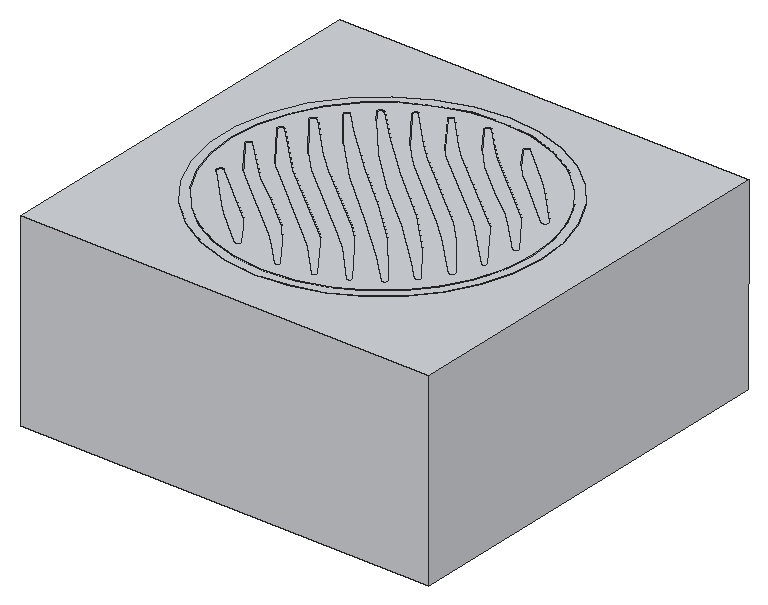
Revit family
Parameters (values of type "Branco c/ grelha branca - 100 x 40")
  URL = "http://www.tigre.com.br"
  Type Comments = ""
  Tigre: Marcador [instance] = "00"
  Tigre: Código com Separador [instance] = "27.25.882.4"
  Prolongamento [instance] = none
  Manufacturer = Tigre: Fabricante  # "© Tigre S/A"
  Grelha = yes
  Distância do Prolongador [instance] = 0.00 mm
  Tigre: Sistema = "Esgoto"  # constant formula
  Tigre: Norma = ""
  Tigre: Material = "Branco"
  Tigre: Link do Produto = "http://www.tigre.com.br/pt/produtos_unico.php?rcr_id=4&cpr_id=10&cpr_id_pai=4&lnh_id=11&prd_id=152"
  Tigre: Linha = "Caixas e Ralos"  # constant formula
  Tigre: Fabricante = "© Tigre S/A"  # constant formula
  Tigre: Descrição = "Ralo Cônico Montado - Branco c/ grelha branca 100 x 40mm, Esgoto - TIGRE"
  Tigre: Código = 27258824
  Tigre: Comentários [instance] = ""
  Raio Nominal = Diâmetro Nominal / 2  # 20.00 mm
  Raio 1 = 21.60 mm
  Prolongador [instance] = Distância do Prolongador > 0.00 mm  # no
  Model = ""
  Grelhas [instance] = none
  Diâmetro Nominal = 40.00 mm
  Description = Tigre: Descrição  # "Ralo Cônico Montado - Branco c/ grelha branca 100 x 40mm, Esgoto - TIGRE"
  Default Elevation = 0.00 mm
  Cota D2 = 51.50 mm
  Cota D1 = 48.75 mm
  Cota B = 18.50 mm
  Cota A = 37.00 mm
  Comprimento do Tubo [instance] = if(Distância do Prolongador > 0.00 mm, Distância do Prolongador, Distância do Prolongador + 1.00 mm)  # 1.00 mm
  Caixas e Ralos [instance] = none
Types (5, lengths in mm): name | Tigre: Código com Separador | Grelha | Tigre: Material | Tigre: Link do Produto | Tigre: Descrição | Tigre: Código | Description
  (no name) | "27.25.882.4" | yes | "Branco" | "http://www.tigre.com.br/pt/produtos_unico.php?rcr_id=4&cpr_id=10&cpr_id_pai=4&lnh_id=11&prd_id=152" | "Ralo Cônico Montado - Branco c/ grelha branca 100 x 40mm, Esgoto - TIGRE" | 27258824 | "Ralo Cônico Montado - Branco c/ grelha branca 100 x 40mm, Esgoto - TIGRE"
  Branco c/ grelha branca - 100 x 40 | "27.25.882.4" | yes | "Branco" | "http://www.tigre.com.br/pt/produtos_unico.php?rcr_id=4&cpr_id=10&cpr_id_pai=4&lnh_id=11&prd_id=152" | "Ralo Cônico Montado - Branco c/ grelha branca 100 x 40mm, Esgoto - TIGRE" | 27258824 | "Ralo Cônico Montado - Branco c/ grelha branca 100 x 40mm, Esgoto - TIGRE"
  Prata c/ grelha alumínio - 100 x 40 | "27.25.886.7" | yes | "Prata/Alumínio" | "http://www.tigre.com.br/pt/produtos_unico.php?rcr_id=4&cpr_id=10&cpr_id_pai=4&lnh_id=11&prd_id=152" | "Ralo Cônico Montado - Prata c/ grelha alumínio 100 x 40mm, Esgoto - TIGRE" | 27258867 | "Ralo Cônico Montado - Prata c/ grelha alumínio 100 x 40mm, Esgoto - TIGRE"
  Corpo Branco - 100 x 40 | "27.25.879.4" | no | "Branco" | "http://www.tigre.com.br/pt/produtos_unico.php?rcr_id=4&cpr_id=10&cpr_id_pai=4&lnh_id=11&prd_id=134" | "Corpo Ralo Sifonado Cônico - Branco 100 x 40mm, Esgoto - TIGRE" | 27258794 | "Corpo Ralo Sifonado Cônico - Branco 100 x 40mm, Esgoto - TIGRE"
  Corpo Prata - 100 x 40 | "27.25.881.6" | no | "Prata" | "http://www.tigre.com.br/pt/produtos_unico.php?rcr_id=4&cpr_id=10&cpr_id_pai=4&lnh_id=11&prd_id=134" | "Corpo Ralo Sifonado Cônico - Prata 100 x 40mm, Esgoto - TIGRE" | 27258816 | "Corpo Ralo Sifonado Cônico - Prata 100 x 40mm, Esgoto - TIGRE"
Reference planes
  plane 1 "Center (Front/Back)": y = 0
  plane 2: z = 0
  plane 3 "Center (Left/Right)": x = 0
  plane 4: z = -37
  plane 5: z = 0
  plane 6: z = -18.5
  plane 7: z = 0
  plane 8 "Base": z = -4.5
Forms (mm)
  Extrusion 1, solid
    sketch origin (0, 0, 0) x (1, 0, 0) y (0, 1, 0)
      loop
        line (66.952, 64.097) -> (-65, 64.097) -> (-65, -65) -> (66.952, -65) -> (66.952, 64.097)
    from 0 to -60.598
  Sweep 2, solid, material <- "Caixas e Ralos", detail levels fine
    path origin (0, 0, 0) x (1, 0, 0) y (0, 0, 1)
      loop
        line (0, 0) -> (0, -5.5)
    profile origin (0, 0, -2.75) x (0, -1, 0) y (1, 0, 0)
      loop
        circle (0, 0) r 48.75
      loop
        circle (0, 0) r 51.5
  Sweep 3, solid, material <- "Caixas e Ralos", detail levels fine
    path origin (0, 0, 0) x (1, 0, 0) y (0, 0, 1)
      loop
        line (0, -4.5) -> (0, -5.5)
    profile origin (0, 0, -5) x (0, -1, 0) y (1, 0, 0)
      loop
        circle (0, 0) r 48.75
      loop
        circle (0, 0) r 45
  SweptBlend 4, solid, material <- "Caixas e Ralos", detail levels fine
    path origin (0, 0, 0) x (1, 0, 0) y (0, 0, 1)
      loop
        line (0, -5.5) -> (0, -37)
    profile origin (0, 0, -5.5) x (0, -1, 0) y (1, 0, 0)
      loop
        circle (0, 0) r 47.454
    end profile origin (0, 0, -37) x (0, -1, 0) y (1, 0, 0)
      loop
        circle (0, 0) r 37.061
  SweptBlend 5, void
    path origin (0, 0, 0) x (1, 0, 0) y (0, 0, 1)
      loop
        line (0, -5.5) -> (0, -35)
    profile origin (0, 0, -5.5) x (0, -1, 0) y (1, 0, 0)
      loop
        circle (0, 0) r 45
    end profile origin (0, 0, -35) x (0, -1, 0) y (1, 0, 0)
      loop
        circle (0, 0) r 34.301
  Revolve 6, solid, material <- "Caixas e Ralos", detail levels fine
    sketch origin (0, 0, 0) x (1, 0, 0) y (0, 0, 1)
      loop
        line (0, -10) -> (-15.832, -10) -> (-15.832, -11.991) -> (-17.03, -11.991) -> (-27.32, -14.748)
        arc (-27.32, -14.748) -> (-29.993, -16.534) -> (-31.026, -19.578) r 5
        line (-31.026, -19.578) -> (-31.026, -35) -> (0, -35) -> (0, -10)
      axis (0, -10) -> (0, -35)
    angle from 0 to 360
  Revolve 7, void
    sketch origin (0, 0, 0) x (1, 0, 0) y (0, 0, 1)
      loop
        line (0, -37) -> (0, -19) -> (-19.194, -19) -> (-19.194, -20) -> (-20.059, -20) -> (-20.059, -28.5) -> (-22.564, -28.5) -> (-22.564, -37) -> (0, -37)
      axis (0, -19) -> (0, -37)
    angle from 0 to 360
  Sweep 8, solid, material <- "Caixas e Ralos", detail levels fine
    path origin (0, 0, 0) x (1, 0, 0) y (0, 0, 1)
      loop
        line (0, -11.991) -> (0, -4)
    profile origin (0, 0, -7.996) x (-1, 0, 0) y (0, -1, 0)
      loop
        circle (0, 0) r 17.03
      loop
        circle (0, 0) r 15.832
  Sweep 9, solid, material <- "Caixas e Ralos", visible <- "Prolongador", detail levels fine
    path origin (0, 0, -50) x (1, 0, 0) y (0, 0, 1)
      loop
        line (0, 50) -> (0, 44.5)
    profile origin (0, 0, -2.75) x (0, -1, 0) y (1, 0, 0)
      loop
        circle (0, 0) r 48.75
      loop
        circle (0, 0) r 51.5
  Sweep 10, solid, material <- "Caixas e Ralos", visible <- "Prolongador", detail levels fine
    path origin (0, 0, -50) x (1, 0, 0) y (0, 0, 1)
      loop
        line (0, 45.5) -> (0, 44.5)
    profile origin (0, 0, -5) x (0, -1, 0) y (1, 0, 0)
      loop
        circle (0, 0) r 48.75
      loop
        circle (0, 0) r 45
  Extrusion 11, solid, material <- "Grelhas", visible <- "Grelha", detail levels fine
    sketch origin (0, 0, 0) x (1, 0, 0) y (0, 1, 0)
      loop
        arc (14.498, 41.971) -> (13.122, 41.959) -> (12.966, 40.591) r 1.039
        line (12.966, 40.591) -> (17.155, 34.609)
        arc (17.155, 34.609) -> (20.381, 30.764) -> (24.226, 27.538) r 28.794
        arc (24.226, 27.538) -> (32.154, 21.349) -> (39.398, 14.373) r 96.922
        arc (39.398, 14.373) -> (41.152, 14.314) -> (41.212, 16.068) r 1.241
        line (41.212, 16.068) -> (29.737, 28.373)
        arc (29.737, 28.373) -> (27.964, 30.178) -> (26.098, 31.888) r 48.331
        line (26.098, 31.888) -> (14.498, 41.971)
      loop
        arc (0.048, 44.046) -> (-1.264, 44.135) -> (-1.44, 42.832) r 0.962
        arc (-1.44, 42.832) -> (1.576, 38.639) -> (4.631, 34.475) r 542.781
        arc (4.631, 34.475) -> (7.451, 30.992) -> (10.559, 27.764) r 52.299
        arc (10.559, 27.764) -> (15.445, 23.33) -> (20.543, 19.141) r 134.146
        line (20.543, 19.141) -> (30.086, 11.685)
        arc (30.086, 11.685) -> (31.543, 10.462) -> (32.912, 9.14) r 27.259
        line (32.912, 9.14) -> (42.654, -0.948)
        arc (42.654, -0.948) -> (44.058, -1.017) -> (44.215, 0.38) r 1.027
        line (44.215, 0.38) -> (35.984, 11.401)
        arc (35.984, 11.401) -> (34.868, 12.727) -> (33.608, 13.916) r 15
        line (33.608, 13.916) -> (10.653, 33.178)
        arc (10.653, 33.178) -> (8.552, 35.053) -> (6.569, 37.053) r 46.107
        line (6.569, 37.053) -> (0.048, 44.046)
      loop
        arc (-10.593, 42.459) -> (-11.852, 42.541) -> (-12.012, 41.289) r 0.921
        line (-12.012, 41.289) -> (-2.641, 28.392)
        arc (-2.641, 28.392) -> (-1.383, 26.865) -> (0.053, 25.503) r 16.207
        line (0.053, 25.503) -> (26.307, 3.473)
        arc (26.307, 3.473) -> (27.253, 2.636) -> (28.155, 1.75) r 24.143
        line (28.155, 1.75) -> (41.207, -11.766)
        arc (41.207, -11.766) -> (42.497, -11.829) -> (42.642, -10.545) r 0.944
        line (42.642, -10.545) -> (32.074, 3.606)
        arc (32.074, 3.606) -> (31.234, 4.604) -> (30.285, 5.499) r 11.29
        line (30.285, 5.499) -> (3.161, 28.259)
        arc (3.161, 28.259) -> (0.871, 30.303) -> (-1.29, 32.482) r 50.253
        line (-1.29, 32.482) -> (-10.593, 42.459)
      loop
        arc (-19.345, 38.969) -> (-20.553, 39.045) -> (-20.694, 37.843) r 0.88
        line (-20.694, 37.843) -> (-11.188, 25.114)
        arc (-11.188, 25.114) -> (-7.559, 20.799) -> (-3.456, 16.931) r 48.8
        line (-3.456, 16.931) -> (18.798, -1.743)
        arc (18.798, -1.743) -> (21.966, -4.545) -> (24.983, -7.51) r 80.789
        line (24.983, -7.51) -> (37.688, -20.666)
        arc (37.688, -20.666) -> (39.16, -20.73) -> (39.301, -19.264) r 1.07
        line (39.301, -19.264) -> (28.607, -5.576)
        arc (28.607, -5.576) -> (25.802, -2.349) -> (22.675, 0.567) r 40.846
        line (22.675, 0.567) -> (-2.965, 22.081)
        arc (-2.965, 22.081) -> (-5.79, 24.603) -> (-8.456, 27.292) r 61.998
        line (-8.456, 27.292) -> (-19.345, 38.969)
      loop
        arc (-26.808, 34.281) -> (-28.11, 34.328) -> (-28.251, 33.033) r 0.956
        line (-28.251, 33.033) -> (-25.728, 29.655)
        arc (-25.728, 29.655) -> (-14.704, 16.432) -> (-2.334, 4.459) r 161.164
        line (-2.334, 4.459) -> (12.673, -8.585)
        arc (12.673, -8.585) -> (20.064, -15.299) -> (27.155, -22.329) r 228.86
        line (27.155, -22.329) -> (32.682, -28.052)
        arc (32.682, -28.052) -> (34.048, -28.111) -> (34.18, -26.75) r 0.994
        line (34.18, -26.75) -> (25.107, -15.138)
        arc (25.107, -15.138) -> (19.387, -8.499) -> (13.057, -2.439) r 91.322
        line (13.057, -2.439) -> (-3.394, 11.861)
        arc (-3.394, 11.861) -> (-10.881, 18.603) -> (-18.129, 25.602) r 288.662
        line (-18.129, 25.602) -> (-26.808, 34.281)
      loop
        arc (-14.379, -41.961) -> (-13.002, -41.949) -> (-12.846, -40.581) r 1.039
        line (-12.846, -40.581) -> (-17.035, -34.599)
        arc (-17.035, -34.599) -> (-20.261, -30.754) -> (-24.106, -27.528) r 28.794
        arc (-24.106, -27.528) -> (-32.034, -21.34) -> (-39.278, -14.363) r 96.922
        arc (-39.278, -14.363) -> (-41.032, -14.304) -> (-41.093, -16.058) r 1.241
        line (-41.093, -16.058) -> (-29.617, -28.364)
        arc (-29.617, -28.364) -> (-27.844, -30.168) -> (-25.978, -31.878) r 48.331
        line (-25.978, -31.878) -> (-14.379, -41.961)
      loop
        arc (0.072, -44.036) -> (1.384, -44.125) -> (1.559, -42.822) r 0.962
        arc (1.559, -42.822) -> (-1.456, -38.629) -> (-4.512, -34.465) r 542.781
        arc (-4.512, -34.465) -> (-7.332, -30.983) -> (-10.439, -27.754) r 52.299
        arc (-10.439, -27.754) -> (-15.325, -23.32) -> (-20.423, -19.131) r 134.146
        line (-20.423, -19.131) -> (-29.966, -11.675)
        arc (-29.966, -11.675) -> (-31.423, -10.452) -> (-32.792, -9.13) r 27.259
        line (-32.792, -9.13) -> (-42.534, 0.958)
        arc (-42.534, 0.958) -> (-43.938, 1.027) -> (-44.095, -0.37) r 1.027
        line (-44.095, -0.37) -> (-35.864, -11.391)
        arc (-35.864, -11.391) -> (-34.749, -12.717) -> (-33.488, -13.906) r 15
        line (-33.488, -13.906) -> (-10.533, -33.168)
        arc (-10.533, -33.168) -> (-8.432, -35.043) -> (-6.449, -37.043) r 46.107
        line (-6.449, -37.043) -> (0.072, -44.036)
      loop
        arc (10.713, -42.449) -> (11.972, -42.531) -> (12.132, -41.279) r 0.921
        line (12.132, -41.279) -> (2.761, -28.382)
        arc (2.761, -28.382) -> (1.502, -26.855) -> (0.067, -25.493) r 16.207
        line (0.067, -25.493) -> (-26.187, -3.463)
        arc (-26.187, -3.463) -> (-27.133, -2.626) -> (-28.035, -1.74) r 24.143
        line (-28.035, -1.74) -> (-41.087, 11.776)
        arc (-41.087, 11.776) -> (-42.378, 11.839) -> (-42.522, 10.555) r 0.944
        line (-42.522, 10.555) -> (-31.954, -3.596)
        arc (-31.954, -3.596) -> (-31.114, -4.594) -> (-30.165, -5.489) r 11.29
        line (-30.165, -5.489) -> (-3.041, -28.249)
        arc (-3.041, -28.249) -> (-0.751, -30.293) -> (1.41, -32.473) r 50.253
        line (1.41, -32.473) -> (10.713, -42.449)
      loop
        arc (19.465, -38.959) -> (20.673, -39.035) -> (20.814, -37.833) r 0.88
        line (20.814, -37.833) -> (11.308, -25.104)
        arc (11.308, -25.104) -> (7.679, -20.789) -> (3.576, -16.922) r 48.8
        line (3.576, -16.922) -> (-18.679, 1.752)
        arc (-18.679, 1.752) -> (-21.846, 4.555) -> (-24.863, 7.52) r 80.789
        line (-24.863, 7.52) -> (-37.568, 20.676)
        arc (-37.568, 20.676) -> (-39.04, 20.74) -> (-39.181, 19.274) r 1.07
        line (-39.181, 19.274) -> (-28.487, 5.586)
        arc (-28.487, 5.586) -> (-25.682, 2.359) -> (-22.555, -0.557) r 40.846
        line (-22.555, -0.557) -> (3.085, -22.071)
        arc (3.085, -22.071) -> (5.91, -24.593) -> (8.576, -27.282) r 61.998
        line (8.576, -27.282) -> (19.465, -38.959)
      loop
        arc (26.928, -34.271) -> (28.23, -34.318) -> (28.37, -33.023) r 0.956
        line (28.37, -33.023) -> (25.848, -29.645)
        arc (25.848, -29.645) -> (14.824, -16.422) -> (2.453, -4.45) r 161.164
        line (2.453, -4.45) -> (-12.553, 8.595)
        arc (-12.553, 8.595) -> (-19.944, 15.309) -> (-27.035, 22.339) r 228.86
        line (-27.035, 22.339) -> (-32.562, 28.061)
        arc (-32.562, 28.061) -> (-33.929, 28.121) -> (-34.06, 26.76) r 0.994
        line (-34.06, 26.76) -> (-24.987, 15.148)
        arc (-24.987, 15.148) -> (-19.267, 8.509) -> (-12.937, 2.449) r 91.322
        line (-12.937, 2.449) -> (3.513, -11.851)
        arc (3.513, -11.851) -> (11.001, -18.593) -> (18.249, -25.592) r 288.662
        line (18.249, -25.592) -> (26.928, -34.271)
      loop
        circle (-0.003, 0.005) r 48.6
    from -2 to 0
Cuts and joins
  SweptBlend 5 cuts Sweep 2
  SweptBlend 5 cuts Sweep 3
  SweptBlend 5, Revolve 7 cuts SweptBlend 4
  Revolve 7 cuts Revolve 6
  joined: Sweep 2, Sweep 3, SweptBlend 4, Revolve 6, Sweep 8
  joined: Sweep 9, Sweep 10
Lines and regions (mm)
  model lines, detail levels coarse+medium
    curve 1: circle (0, 0, -18.5) r 26.456 normal (0, 0, -1)
    curve 2: line (-26.456, 0, -18.5) -> (26.456, 0, -18.5)
    curve 3: line (0, 26.456, -18.5) -> (0, -26.456, -18.5)
Dimensions and locks
  "Cota A": plane 5 to plane 4
  "Cota B": plane 6 to plane 4
  Sweep 8 sketch curve to Sweep 8 sketch curve to plane 6 = 7.991 mm locked, 6.509 mm locked
  locked: SweptBlend 4 sketch curve to plane 6 at 13
  locked: SweptBlend 5 sketch curve to plane 6 at 13
  locked: SweptBlend 5 sketch curve to plane 4 at 2
  locked: Revolve 6 sketch curve to plane 4 at 27
  locked: level to Sweep 2 sketch curve at 5.5
  locked: plane 5 to Sweep 9 sketch curve at 5.5
  plane 5 to Sweep 10 sketch curve to Sweep 10 sketch curve = 4.50 mm locked, 1.00 mm locked
  "Distância do Prolongador": plane 7 to plane 5
  "Cota D1": radius of Sweep 2 sketch curve
  "Cota D2": radius of Sweep 2 sketch curve
  "Cota D1": radius of Sweep 9 sketch curve
  "Cota D2": radius of Sweep 9 sketch curve
  aligned and locked: plane 2 to Extrusion 1
  aligned and locked: level to Extrusion 1
  aligned and locked: plane 3 "Center (Left/Right)" to Sweep 2 sketch curve
  aligned and locked: Sweep 2 to Sweep 3 sketch curve
  aligned and locked: Sweep 3 sketch curve to Sweep 2  (x2)
  aligned and locked: plane 4 to SweptBlend 4 sketch curve
  aligned and locked: SweptBlend 5 sketch curve to plane 3 "Center (Left/Right)"
  aligned and locked: SweptBlend 5 sketch curve to Sweep 3  (x2)
  aligned and locked: Revolve 7 sketch curve to plane 4
  aligned and locked: plane 3 "Center (Left/Right)" to Revolve 7 sketch curve
  aligned and locked: Revolve 6 sketch curve to cut or joined group of Sweep 2, Sweep 3, SweptBlend 4, SweptBlend 5, Revolve 6, Revolve 7, Sweep 8
  aligned and locked: level to Sweep 2 sketch curve
  aligned and locked: plane 5 to Sweep 9 sketch curve
  aligned and locked: Sweep 10 sketch curve to plane 3 "Center (Left/Right)"
  aligned and locked: level to plane 7
  aligned and locked: plane 3 "Center (Left/Right)" to nested 1
  aligned and locked: plane 1 "Center (Front/Back)" to nested 1
Automatic sketch dimensions
  Extrusion 1 sketch curve to Extrusion 1 sketch curve = 131.952 mm
  Extrusion 1 sketch curve to Extrusion 1 sketch curve = 129.097 mm
  Sweep 2 sketch curve to Sweep 2 sketch curve = 0.00 mm  (x2)
  plane 1 "Center (Front/Back)" to Sweep 2 sketch curve = 0.00 mm
  Sweep 2 sketch curve to profile plane = 0.00 mm
  Sweep 3 sketch curve to plane 3 "Center (Left/Right)" = 0.00 mm
  Sweep 3 sketch curve to Sweep 3 sketch curve = 1.00 mm
  Sweep 3 sketch curve to Sweep 3 sketch curve = 0.00 mm  (x2)
  SweptBlend 4 sketch curve to plane 3 "Center (Left/Right)" = 0.00 mm
  plane 1 "Center (Front/Back)" to SweptBlend 4 sketch curve = 0.00 mm  (x2)
  SweptBlend 4 sketch curve to profile plane = 0.00 mm  (x2)
  plane 1 "Center (Front/Back)" to SweptBlend 5 sketch curve = 0.00 mm
  SweptBlend 5 sketch curve to profile plane = 0.00 mm
  Revolve 6 sketch curve to plane 3 "Center (Left/Right)" = 0.00 mm  (x2)
  Revolve 6 sketch curve to Revolve 6 sketch curve = 15.832 mm
  Revolve 6 sketch curve to Revolve 6 sketch curve = 1.198 mm
  plane 6 to Revolve 6 sketch curve = 1.078 mm
  Revolve 6 sketch curve to Revolve 6 sketch curve = 8.996 mm
  Revolve 6 sketch curve to plane 6 = 3.752 mm
  Revolve 6 sketch curve to Revolve 6 sketch curve = 1.294 mm
  Revolve 6 sketch curve to plane 4 = 3.00 mm
  Revolve 6 sketch curve to Revolve 6 sketch curve = 0.00 mm
  Revolve 6 sketch curve to Revolve 6 sketch curve = 1.991 mm
  Revolve 7 sketch curve to plane 3 "Center (Left/Right)" = 0.00 mm
  Revolve 7 sketch curve to plane 4 = 0.00 mm
  plane 6 to Revolve 7 sketch curve = 1.50 mm
  Revolve 7 sketch curve to plane 3 "Center (Left/Right)" = 19.194 mm
  Revolve 7 sketch curve to Revolve 7 sketch curve = 0.866 mm
  Revolve 7 sketch curve to Revolve 7 sketch curve = 2.504 mm
  Revolve 7 sketch curve to Revolve 7 sketch curve = 3.121 mm
  Revolve 7 sketch curve to Revolve 7 sketch curve = 8.50 mm
  plane 6 to Revolve 7 sketch curve = 0.50 mm
  Sweep 8 sketch curve to plane 3 "Center (Left/Right)" = 0.00 mm
  Sweep 8 sketch curve to Sweep 8 sketch curve = 0.00 mm  (x2)
  plane 1 "Center (Front/Back)" to Sweep 8 sketch curve = 0.00 mm
  Sweep 8 sketch curve to profile plane = 0.00 mm
  curve 3 to plane 3 "Center (Left/Right)" = 0.00 mm
  plane 1 "Center (Front/Back)" to curve 2 = 0.00 mm
  plane 1 "Center (Front/Back)" to curve 1 = 0.00 mm
  curve 1 to plane 3 "Center (Left/Right)" = 0.00 mm
  curve 3 to plane 1 "Center (Front/Back)" = 26.456 mm
  Sweep 9 sketch curve to plane 3 "Center (Left/Right)" = 0.00 mm
  Sweep 9 sketch curve to Sweep 9 sketch curve = 0.00 mm  (x2)
  plane 1 "Center (Front/Back)" to Sweep 9 sketch curve = 0.00 mm
  Sweep 9 sketch curve to profile plane = 0.00 mm
  Sweep 10 sketch curve to Sweep 10 sketch curve = 0.00 mm  (x6)
  Sweep 10 sketch curve to profile plane = 0.00 mm
  plane 1 "Center (Front/Back)" to Sweep 10 sketch curve = 0.00 mm
  Sweep 10 sketch curve to plane 1 "Center (Front/Back)" = 48.75 mm
  Extrusion 11 sketch curve to plane 3 "Center (Left/Right)" = 440.595 mm
  Extrusion 11 sketch curve to plane 3 "Center (Left/Right)" = 185.866 mm
  Extrusion 11 sketch curve to Extrusion 11 sketch curve = 48.393 mm  (x2)
  Extrusion 11 sketch curve to Extrusion 11 sketch curve = 34.193 mm  (x2)
  Extrusion 11 sketch curve to Extrusion 11 sketch curve = 0.268 mm  (x2)
  Extrusion 11 sketch curve to plane 3 "Center (Left/Right)" = 46.855 mm
  Extrusion 11 sketch curve to Extrusion 11 sketch curve = 0.325 mm  (x2)
  plane 1 "Center (Front/Back)" to Extrusion 11 sketch curve = 0.37 mm
  Extrusion 11 sketch curve to plane 3 "Center (Left/Right)" = 44.095 mm
  Extrusion 11 sketch curve to plane 1 "Center (Front/Back)" = 0.245 mm
  Extrusion 11 sketch curve to Extrusion 11 sketch curve = 0.823 mm
  Extrusion 11 sketch curve to plane 1 "Center (Front/Back)" = 0.958 mm
  Extrusion 11 sketch curve to Extrusion 11 sketch curve = 0.012 mm  (x2)
  Extrusion 11 sketch curve to Extrusion 11 sketch curve = 0.756 mm  (x2)
  plane 1 "Center (Front/Back)" to Extrusion 11 sketch curve = 16.058 mm
  Extrusion 11 sketch curve to Extrusion 11 sketch curve = 3.003 mm
  Extrusion 11 sketch curve to plane 1 "Center (Front/Back)" = 11.776 mm
  Extrusion 11 sketch curve to Extrusion 11 sketch curve = 0.679 mm  (x2)
  Extrusion 11 sketch curve to Extrusion 11 sketch curve = 5.909 mm
  Extrusion 11 sketch curve to Extrusion 11 sketch curve = 0.908 mm  (x2)
  Extrusion 11 sketch curve to Extrusion 11 sketch curve = 6.36 mm  (x2)
  Extrusion 11 sketch curve to Extrusion 11 sketch curve = 0.906 mm  (x2)
  Extrusion 11 sketch curve to Extrusion 11 sketch curve = 0.00 mm  (x10)
  Extrusion 11 sketch curve to Extrusion 11 sketch curve = 1.906 mm  (x2)
  Extrusion 11 sketch curve to Extrusion 11 sketch curve = 0.843 mm  (x2)
  Extrusion 11 sketch curve to Extrusion 11 sketch curve = 0.77 mm  (x2)
  Extrusion 11 sketch curve to Extrusion 11 sketch curve = 3.403 mm  (x2)
  Extrusion 11 sketch curve to Extrusion 11 sketch curve = 3.414 mm  (x2)
  Extrusion 11 sketch curve to Extrusion 11 sketch curve = 1.424 mm  (x2)
  Extrusion 11 sketch curve to Extrusion 11 sketch curve = 3.509 mm  (x2)
  Extrusion 11 sketch curve to Extrusion 11 sketch curve = 2.376 mm  (x2)
  Extrusion 11 sketch curve to Extrusion 11 sketch curve = 0.783 mm  (x2)
  Extrusion 11 sketch curve to Extrusion 11 sketch curve = 2.211 mm  (x2)
  plane 1 "Center (Front/Back)" to Extrusion 11 sketch curve = 9.13 mm
  Extrusion 11 sketch curve to Extrusion 11 sketch curve = 3.072 mm
  Extrusion 11 sketch curve to Extrusion 11 sketch curve = 0.715 mm  (x2)
  Extrusion 11 sketch curve to Extrusion 11 sketch curve = 0.838 mm
  Extrusion 11 sketch curve to Extrusion 11 sketch curve = 9.255 mm  (x2)
  Extrusion 11 sketch curve to Extrusion 11 sketch curve = 1.789 mm  (x2)
  Extrusion 11 sketch curve to Extrusion 11 sketch curve = 2.826 mm  (x2)
  Extrusion 11 sketch curve to Extrusion 11 sketch curve = 3.87 mm
  Extrusion 11 sketch curve to plane 1 "Center (Front/Back)" = 5.586 mm
  Extrusion 11 sketch curve to Extrusion 11 sketch curve = 3.467 mm
  Extrusion 11 sketch curve to Extrusion 11 sketch curve = 4.311 mm  (x2)
  plane 1 "Center (Front/Back)" to Extrusion 11 sketch curve = 1.74 mm
  Extrusion 11 sketch curve to Extrusion 11 sketch curve = 2.13 mm  (x2)
  Extrusion 11 sketch curve to Extrusion 11 sketch curve = 3.575 mm  (x2)
  Extrusion 11 sketch curve to Extrusion 11 sketch curve = 0.766 mm  (x2)
  Extrusion 11 sketch curve to Extrusion 11 sketch curve = 5.526 mm
  Extrusion 11 sketch curve to Extrusion 11 sketch curve = 0.676 mm  (x3)
  Extrusion 11 sketch curve to Extrusion 11 sketch curve = 1.848 mm  (x2)
  Extrusion 11 sketch curve to Extrusion 11 sketch curve = 3.639 mm  (x2)
  Extrusion 11 sketch curve to Extrusion 11 sketch curve = 2.523 mm
  Extrusion 11 sketch curve to Extrusion 11 sketch curve = 2.048 mm
  Extrusion 11 sketch curve to plane 1 "Center (Front/Back)" = 7.52 mm
  Extrusion 11 sketch curve to Extrusion 11 sketch curve = 3.624 mm  (x2)
  Extrusion 11 sketch curve to Extrusion 11 sketch curve = 1.872 mm  (x2)
  Extrusion 11 sketch curve to Extrusion 11 sketch curve = 2.341 mm  (x2)
  Extrusion 11 sketch curve to Extrusion 11 sketch curve = 1.955 mm  (x2)
  plane 1 "Center (Front/Back)" to Extrusion 11 sketch curve = 0.557 mm
  Extrusion 11 sketch curve to Extrusion 11 sketch curve = 1.291 mm  (x2)
  Extrusion 11 sketch curve to Extrusion 11 sketch curve = 6.114 mm
  Extrusion 11 sketch curve to Extrusion 11 sketch curve = 3.683 mm  (x2)
  Extrusion 11 sketch curve to Extrusion 11 sketch curve = 0.705 mm  (x2)
  Extrusion 11 sketch curve to Extrusion 11 sketch curve = 0.644 mm  (x2)
  Extrusion 11 sketch curve to plane 1 "Center (Front/Back)" = 1.752 mm
  Extrusion 11 sketch curve to Extrusion 11 sketch curve = 4.23 mm
  Extrusion 11 sketch curve to Extrusion 11 sketch curve = 7.599 mm  (x2)
  Extrusion 11 sketch curve to Extrusion 11 sketch curve = 8.943 mm
  Extrusion 11 sketch curve to Extrusion 11 sketch curve = 2.656 mm
  Extrusion 11 sketch curve to Extrusion 11 sketch curve = 0.682 mm  (x2)
  Extrusion 11 sketch curve to Extrusion 11 sketch curve = 5.495 mm
  Extrusion 11 sketch curve to plane 1 "Center (Front/Back)" = 2.449 mm
  Extrusion 11 sketch curve to Extrusion 11 sketch curve = 5.741 mm  (x2)
  Extrusion 11 sketch curve to Extrusion 11 sketch curve = 0.851 mm  (x2)
  Extrusion 11 sketch curve to plane 1 "Center (Front/Back)" = 8.595 mm
  Extrusion 11 sketch curve to Extrusion 11 sketch curve = 0.63 mm  (x2)
  Extrusion 11 sketch curve to Extrusion 11 sketch curve = 7.333 mm  (x2)
  Extrusion 11 sketch curve to Extrusion 11 sketch curve = 0.745 mm  (x2)
  Extrusion 11 sketch curve to Extrusion 11 sketch curve = 6.941 mm  (x2)
  Extrusion 11 sketch curve to Extrusion 11 sketch curve = 2.516 mm
  Extrusion 11 sketch curve to Extrusion 11 sketch curve = 0.674 mm  (x2)
  Extrusion 11 sketch curve to Extrusion 11 sketch curve = 6.502 mm  (x2)
  Extrusion 11 sketch curve to Extrusion 11 sketch curve = 0.094 mm
  Extrusion 11 sketch curve to Extrusion 11 sketch curve = 2.495 mm  (x2)
  Extrusion 11 sketch curve to Extrusion 11 sketch curve = 2.732 mm  (x2)
  Extrusion 11 sketch curve to Extrusion 11 sketch curve = 3.902 mm  (x2)
  Extrusion 11 sketch curve to plane 3 "Center (Left/Right)" = 5.61 mm
  Extrusion 11 sketch curve to Extrusion 11 sketch curve = 1.938 mm  (x2)
  Extrusion 11 sketch curve to plane 3 "Center (Left/Right)" = 3.58 mm
  Extrusion 11 sketch curve to plane 3 "Center (Left/Right)" = 3.456 mm
  Extrusion 11 sketch curve to plane 3 "Center (Left/Right)" = 3.394 mm
  Extrusion 11 sketch curve to Extrusion 11 sketch curve = 0.539 mm  (x2)
  Extrusion 11 sketch curve to plane 3 "Center (Left/Right)" = 2.965 mm
  Extrusion 11 sketch curve to plane 3 "Center (Left/Right)" = 2.641 mm
  Extrusion 11 sketch curve to plane 3 "Center (Left/Right)" = 2.334 mm
  Extrusion 11 sketch curve to plane 3 "Center (Left/Right)" = 1.44 mm
  Extrusion 11 sketch curve to plane 3 "Center (Left/Right)" = 1.29 mm
  Extrusion 11 sketch curve to plane 3 "Center (Left/Right)" = 0.656 mm
  Extrusion 11 sketch curve to plane 3 "Center (Left/Right)" = 0.003 mm
  plane 3 "Center (Left/Right)" to Extrusion 11 sketch curve = 0.048 mm
  plane 3 "Center (Left/Right)" to Extrusion 11 sketch curve = 0.053 mm
  plane 3 "Center (Left/Right)" to Extrusion 11 sketch curve = 0.067 mm
  plane 3 "Center (Left/Right)" to Extrusion 11 sketch curve = 0.072 mm
  plane 3 "Center (Left/Right)" to Extrusion 11 sketch curve = 0.776 mm
  plane 3 "Center (Left/Right)" to Extrusion 11 sketch curve = 1.41 mm
  Extrusion 11 sketch curve to Extrusion 11 sketch curve = 0.784 mm  (x2)
  plane 3 "Center (Left/Right)" to Extrusion 11 sketch curve = 2.453 mm
  plane 3 "Center (Left/Right)" to Extrusion 11 sketch curve = 2.761 mm
  plane 3 "Center (Left/Right)" to Extrusion 11 sketch curve = 3.085 mm
  plane 3 "Center (Left/Right)" to Extrusion 11 sketch curve = 3.161 mm
  plane 3 "Center (Left/Right)" to Extrusion 11 sketch curve = 3.513 mm
  plane 3 "Center (Left/Right)" to Extrusion 11 sketch curve = 3.576 mm
  Extrusion 11 sketch curve to Extrusion 11 sketch curve = 0.931 mm
  plane 3 "Center (Left/Right)" to Extrusion 11 sketch curve = 5.73 mm
  Extrusion 11 sketch curve to Extrusion 11 sketch curve = 5.815 mm
  Extrusion 11 sketch curve to Extrusion 11 sketch curve = 7.398 mm
  Extrusion 11 sketch curve to Extrusion 11 sketch curve = 0.182 mm
  Extrusion 11 sketch curve to Extrusion 11 sketch curve = 9.153 mm
  Extrusion 11 sketch curve to Extrusion 11 sketch curve = 7.211 mm
  Extrusion 11 sketch curve to Extrusion 11 sketch curve = 1.885 mm
  plane 1 "Center (Front/Back)" to Extrusion 11 sketch curve = 2.439 mm
  Extrusion 11 sketch curve to Extrusion 11 sketch curve = 0.384 mm
  plane 1 "Center (Front/Back)" to Extrusion 11 sketch curve = 1.743 mm
  Extrusion 11 sketch curve to Extrusion 11 sketch curve = 9.983 mm
  Extrusion 11 sketch curve to plane 1 "Center (Front/Back)" = 0.567 mm
  Extrusion 11 sketch curve to Extrusion 11 sketch curve = 3.877 mm
  Extrusion 11 sketch curve to Extrusion 11 sketch curve = 0.353 mm
  plane 1 "Center (Front/Back)" to Extrusion 11 sketch curve = 7.51 mm
  Extrusion 11 sketch curve to Extrusion 11 sketch curve = 0.124 mm
  Extrusion 11 sketch curve to plane 1 "Center (Front/Back)" = 3.473 mm
  Extrusion 11 sketch curve to Extrusion 11 sketch curve = 1.081 mm
  Extrusion 11 sketch curve to Extrusion 11 sketch curve = 1.308 mm
  Extrusion 11 sketch curve to Extrusion 11 sketch curve = 13.413 mm
  Extrusion 11 sketch curve to plane 1 "Center (Front/Back)" = 1.75 mm
  plane 1 "Center (Front/Back)" to Extrusion 11 sketch curve = 5.576 mm
  Extrusion 11 sketch curve to plane 1 "Center (Front/Back)" = 11.685 mm
  Extrusion 11 sketch curve to Extrusion 11 sketch curve = 3.779 mm
  Extrusion 11 sketch curve to plane 1 "Center (Front/Back)" = 3.606 mm
  Extrusion 11 sketch curve to plane 1 "Center (Front/Back)" = 9.14 mm
  Extrusion 11 sketch curve to Extrusion 11 sketch curve = 5.34 mm
  Extrusion 11 sketch curve to plane 1 "Center (Front/Back)" = 13.916 mm
  Extrusion 11 sketch curve to Extrusion 11 sketch curve = 3.522 mm
  plane 1 "Center (Front/Back)" to Extrusion 11 sketch curve = 19.264 mm
  plane 1 "Center (Front/Back)" to Extrusion 11 sketch curve = 11.766 mm
  Extrusion 11 sketch curve to plane 1 "Center (Front/Back)" = 16.068 mm
  plane 1 "Center (Front/Back)" to Extrusion 11 sketch curve = 0.948 mm
  plane 1 "Center (Front/Back)" to Extrusion 11 sketch curve = 0.235 mm
  Extrusion 11 sketch curve to Extrusion 11 sketch curve = 0.739 mm
  Extrusion 11 sketch curve to plane 1 "Center (Front/Back)" = 0.38 mm
  Extrusion 11 sketch curve to Extrusion 11 sketch curve = 56.155 mm
  Extrusion 11 sketch curve to Extrusion 11 sketch curve = 254.729 mm
  Extrusion 11 sketch curve to Extrusion 11 sketch curve = 1.974 mm
  Extrusion 11 sketch curve to Extrusion 11 sketch curve = 3.114 mm
  Extrusion 11 sketch curve to Extrusion 11 sketch curve = 1.743 mm
  Extrusion 11 sketch curve to Extrusion 11 sketch curve = 2.819 mm
  Extrusion 11 sketch curve to Extrusion 11 sketch curve = 5.756 mm
  Extrusion 11 sketch curve to Extrusion 11 sketch curve = 53.478 mm
  Extrusion 11 sketch curve to Extrusion 11 sketch curve = 1.242 mm
  Extrusion 11 sketch curve to Extrusion 11 sketch curve = 55.227 mm
  Extrusion 11 sketch curve to Extrusion 11 sketch curve = 48.399 mm
  Extrusion 11 sketch curve to Extrusion 11 sketch curve = 9.326 mm
  Extrusion 11 sketch curve to Extrusion 11 sketch curve = 2.448 mm
  Extrusion 11 sketch curve to Extrusion 11 sketch curve = 0.742 mm
  Extrusion 11 sketch curve to Extrusion 11 sketch curve = 0.374 mm
  Extrusion 11 sketch curve to Extrusion 11 sketch curve = 7.362 mm
  Extrusion 11 sketch curve to Extrusion 11 sketch curve = 0.628 mm
  Extrusion 11 sketch curve to Extrusion 11 sketch curve = 2.32 mm  (x2)
  Extrusion 11 sketch curve to Extrusion 11 sketch curve = 0.60 mm
  Extrusion 11 sketch curve to Extrusion 11 sketch curve = 2.673 mm  (x2)
  Extrusion 11 sketch curve to Extrusion 11 sketch curve = 2.577 mm  (x2)
  Extrusion 11 sketch curve to Extrusion 11 sketch curve = 3.561 mm  (x2)
  Extrusion 11 sketch curve to Extrusion 11 sketch curve = 1.749 mm
  Extrusion 11 sketch curve to Extrusion 11 sketch curve = 4.35 mm
  Extrusion 11 sketch curve to Extrusion 11 sketch curve = 3.378 mm  (x2)
  Extrusion 11 sketch curve to Extrusion 11 sketch curve = 4.091 mm  (x2)
  Extrusion 11 sketch curve to Extrusion 11 sketch curve = 3.514 mm
  Extrusion 11 sketch curve to Extrusion 11 sketch curve = 4.972 mm
  Extrusion 11 sketch curve to Extrusion 11 sketch curve = 0.69 mm
  Extrusion 11 sketch curve to Extrusion 11 sketch curve = 1.10 mm
  Extrusion 11 sketch curve to Extrusion 11 sketch curve = 4.053 mm
  Extrusion 11 sketch curve to Extrusion 11 sketch curve = 2.178 mm  (x2)
  Extrusion 11 sketch curve to Extrusion 11 sketch curve = 7.316 mm
  Extrusion 11 sketch curve to Extrusion 11 sketch curve = 1.402 mm
  Extrusion 11 sketch curve to Extrusion 11 sketch curve = 4.776 mm
  Extrusion 11 sketch curve to Extrusion 11 sketch curve = 2.545 mm
  Extrusion 11 sketch curve to Extrusion 11 sketch curve = 2.515 mm
  Extrusion 11 sketch curve to Extrusion 11 sketch curve = 0.656 mm
  Extrusion 11 sketch curve to Extrusion 11 sketch curve = 3.749 mm
  plane 1 "Center (Front/Back)" to Extrusion 11 sketch curve = 4.589 mm
  Extrusion 11 sketch curve to Extrusion 11 sketch curve = 1.893 mm
  Extrusion 11 sketch curve to Extrusion 11 sketch curve = 1.723 mm
  plane 1 "Center (Front/Back)" to Extrusion 11 sketch curve = 3.149 mm
  Extrusion 11 sketch curve to plane 1 "Center (Front/Back)" = 0.005 mm
  Extrusion 11 sketch curve to Extrusion 11 sketch curve = 1.859 mm
  Extrusion 11 sketch curve to plane 1 "Center (Front/Back)" = 4.459 mm
  Extrusion 11 sketch curve to Extrusion 11 sketch curve = 1.221 mm
  Extrusion 11 sketch curve to Extrusion 11 sketch curve = 7.401 mm
  Extrusion 11 sketch curve to Extrusion 11 sketch curve = 7.628 mm
  Extrusion 11 sketch curve to Extrusion 11 sketch curve = 5.071 mm
  Extrusion 11 sketch curve to Extrusion 11 sketch curve = 8.397 mm
  Extrusion 11 sketch curve to Extrusion 11 sketch curve = 7.498 mm
  Extrusion 11 sketch curve to Extrusion 11 sketch curve = 0.659 mm
  Extrusion 11 sketch curve to Extrusion 11 sketch curve = 5.15 mm
  Extrusion 11 sketch curve to Extrusion 11 sketch curve = 7.191 mm
  Extrusion 11 sketch curve to Extrusion 11 sketch curve = 3.032 mm
  Extrusion 11 sketch curve to Extrusion 11 sketch curve = 3.421 mm
  Extrusion 11 sketch curve to Extrusion 11 sketch curve = 0.488 mm
  Extrusion 11 sketch curve to Extrusion 11 sketch curve = 6.083 mm
  Extrusion 11 sketch curve to Extrusion 11 sketch curve = 0.612 mm
  Extrusion 11 sketch curve to Extrusion 11 sketch curve = 2.97 mm
  Extrusion 11 sketch curve to Extrusion 11 sketch curve = 2.475 mm
  Extrusion 11 sketch curve to Extrusion 11 sketch curve = 0.836 mm
  Extrusion 11 sketch curve to Extrusion 11 sketch curve = 2.889 mm
  Extrusion 11 sketch curve to Extrusion 11 sketch curve = 1.593 mm
  Extrusion 11 sketch curve to Extrusion 11 sketch curve = 4.741 mm
  Extrusion 11 sketch curve to Extrusion 11 sketch curve = 0.572 mm
  Extrusion 11 sketch curve to Extrusion 11 sketch curve = 0.527 mm
  Extrusion 11 sketch curve to Extrusion 11 sketch curve = 0.596 mm
  Extrusion 11 sketch curve to Extrusion 11 sketch curve = 0.541 mm
  radius of Sweep 3 sketch curve = 45.00 mm
  radius of SweptBlend 4 sketch curve = 47.454 mm
  radius of SweptBlend 4 sketch curve = 37.061 mm
  radius of SweptBlend 5 sketch curve = 34.301 mm
  radius of Sweep 8 sketch curve = 17.03 mm
  radius of Sweep 8 sketch curve = 15.832 mm
  radius of Sweep 10 sketch curve = 45.00 mm
  radius of Extrusion 11 sketch curve = 48.60 mm
Nested families
  nested 1: "Prolongamento para Caixa Sifonada - Caixas e Ralos - Esgoto - MEP - Tigre" at (0, 0, -4.5), Comprimento do Tubo <- "Comprimento do Tubo", Tigre: Comentários <- "Tigre: Comentários", Tigre: Marcador <- "Tigre: Marcador", visible <- "Prolongador", Acabamento <- "Prolongamento", type "100 x 100 mm"
    with Tigre: Marcador "00", Tigre: Código com Separador "27.30.748.5", Tigre: Código 27307485, Tigre: Comentários "", Comprimento do Tubo 1.00 mm, Acabamento none
Connectors
  piping at (0, 0, -19), driven by "Raio Nominal"
    settings: on Revolve 7, index 1, connector radius 20.00 mm, flow factor 0, pipe flow 0 GPM, pressure drop 0.00 psi, fitting loss kfactor 0, connector angle 0.00°, fixture units 0, flow configuration 0, flow direction 2, fitting loss method 0, system type 16, connector reference index -1, connector utility 1, adjustable connector yes, is connector primary yes, fitting loss table "", connector description ""
Definition of nested family "Prolongamento para Caixa Sifonada - Caixas e Ralos - Esgoto - MEP - Tigre"
  Parameters (values of type "100 x 100 mm")
    Unifilar = Diâmetro Nominal * 0.4  # 40.00 mm
    URL = "http://www.tigre.com.br"
    Type Comments = ""
    Tigre: Sistema = "Esgoto"  # constant formula
    Tigre: Norma = ""
    Tigre: Material = "PVC Branco"  # constant formula
    Tigre: Marcador [instance] = "00"
    Tigre: Link do Produto = "http://www.tigre.com.br/pt/produtos_unico.php?rcr_id=4&cpr_id=10&cpr_id_pai=4&lnh_id=11&prd_id=150"
    Tigre: Linha = "Caixas e Ralos"  # constant formula
    Tigre: Fabricante = "© Tigre S/A"  # constant formula
    Tigre: Descrição = "Prolongamento p/ Caixa Sifonada 100 x 100mm, Esgoto - TIGRE"
    Tigre: Código com Separador [instance] = "27.30.748.5"
    Tigre: Código [instance] = 27307485
    Tigre: Comentários [instance] = ""
    Raio Nominal = 50.00 mm
    Raio Externo = 48.40 mm
    Raio Interno = 0.98 * Raio Externo  # 47.432 mm
    Model = ""
    Manufacturer = Tigre: Fabricante  # "© Tigre S/A"
    Diâmetro Nominal = Raio Nominal * 2  # 100.00 mm
    Description = Tigre: Descrição  # "Prolongamento p/ Caixa Sifonada 100 x 100mm, Esgoto - TIGRE"
    Default Elevation = 0.00 mm
    Comprimento do Tubo [instance] = 100.00 mm
    Acabamento [instance] = none
  Types (7, lengths in mm): name | Unifilar | Tigre: Descrição | Tigre: Código com Separador | Tigre: Código | Raio Nominal | Raio Externo | Raio Interno | Diâmetro Nominal | Description | Comprimento do Tubo
    (no name) | 40.00 | "Prolongamento p/ Caixa Sifonada 100 x 100mm, Esgoto - TIGRE" | "27.30.748.5" | 27307485 | 50.00 | 48.40 | 47.432 | 100.00 | "Prolongamento p/ Caixa Sifonada 100 x 100mm, Esgoto - TIGRE" | 100.00
    100 x 100 mm | 40.00 | "Prolongamento p/ Caixa Sifonada 100 x 100mm, Esgoto - TIGRE" | "27.30.748.5" | 27307485 | 50.00 | 48.40 | 47.432 | 100.00 | "Prolongamento p/ Caixa Sifonada 100 x 100mm, Esgoto - TIGRE" | 100.00
    100 x 150 mm | 40.00 | "Prolongamento p/ Caixa Sifonada 100 x 150mm, Esgoto - TIGRE" | "27.30.749.3" | 27307493 | 50.00 | 48.40 | 47.432 | 100.00 | "Prolongamento p/ Caixa Sifonada 100 x 150mm, Esgoto - TIGRE" | 150.00
    100 x 200 mm | 40.00 | "Prolongamento p/ Caixa Sifonada 100 x 200mm, Esgoto - TIGRE" | "27.30.750.7" | 27307507 | 50.00 | 48.40 | 47.432 | 100.00 | "Prolongamento p/ Caixa Sifonada 100 x 200mm, Esgoto - TIGRE" | 200.00
    150 x 150 mm | 60.00 | "Prolongamento p/ Caixa Sifonada 150 x 150mm, Esgoto - TIGRE" | "27.30.815.5" | 27308155 | 75.00 | 74.00 | 72.52 | 150.00 | "Prolongamento p/ Caixa Sifonada 150 x 150mm, Esgoto - TIGRE" | 150.00
    150 x 200 mm | 60.00 | "Prolongamento p/ Caixa Sifonada 150 x 200mm, Esgoto - TIGRE" | "27.30.820.1" | 27308201 | 75.00 | 74.00 | 72.52 | 150.00 | "Prolongamento p/ Caixa Sifonada 150 x 200mm, Esgoto - TIGRE" | 200.00
    250 x 200 mm | 100.00 | "Prolongamento p/ Caixa Sifonada 250 x 200mm, Esgoto - TIGRE" | "27.30.900.3" | 27309003 | 125.00 | 123.50 | 121.03 | 250.00 | "Prolongamento p/ Caixa Sifonada 250 x 200mm, Esgoto - TIGRE" | 200.00
  Reference planes
    plane 1 "Center (Front/Back)": y = 0
    plane 2: z = 0
    plane 3 "Center (Left/Right)": x = 0
    plane 4: z = -100
    plane 5: z = 0
  Forms (mm)
    Sweep 1, solid, material <- "Acabamento", detail levels fine
      path origin (0, 0, 0) x (0, 0, -1) y (0, 1, 0)
        loop
          line (0, 0) -> (100, 0)
      profile origin (0, 0, -50) x (1, 0, 0) y (0, 1, 0)
        loop
          circle (0, 0) r 47.432
        loop
          circle (0, 0) r 48.4
  Dimensions and locks
    "Comprimento do Tubo": plane 5 to plane 4
    "Raio Externo": radius of Sweep 1 sketch curve
    "Raio Interno": radius of Sweep 1 sketch curve
    aligned and locked: plane 1 "Center (Front/Back)" to Sweep 1 sketch curve
    aligned and locked: level to Sweep 1 sketch curve
    aligned and locked: plane 4 to Sweep 1 sketch curve
  Automatic sketch dimensions
    Sweep 1 sketch curve to Sweep 1 sketch curve = 0.00 mm  (x2)
    Sweep 1 sketch curve to profile plane = 0.00 mm  (x2)
